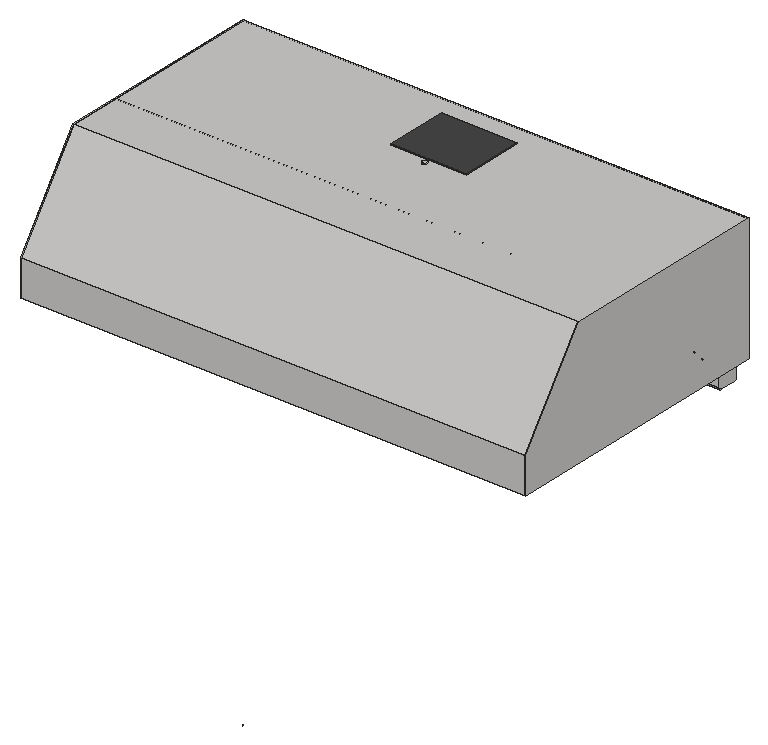
Revit family "QF_ELECTROLUXPROFESSIONAL_644235_ABPV1120DT", category Attrezzature speciali, Revit 2021
Family settings
  Quota connettore circolare = Usa diametro
  Tipo di parte = Normale
  Basato su piano di lavoro = No
  Sempre verticale = Sì
  Taglio con vuoti quando caricato = No
  Condiviso = No
  Punto di calcolo locali = No
Parameters (values of type "Standard")
  Weight = 66.00 kg
  Watts = 420 W
  Volts = 220 V
  URL Manufacturer = "https://www.electroluxprofessional.com/"
  URL = "https://www.electroluxprofessional.com/"
  Steam Supply Size = 0 mm
  Steam Supply Minimum Pressure = 0.0 Pa
  Steam Supply Maximum Pressure = 0.0 Pa
  Steam Consumption per Hour = 0
  Refrigeration Suction Line Size = 0 mm
  Refrigeration Liquid Line Size = 0 mm
  Refrigerant Compressor Remote = yes
  Prospetto di default = 0 mm
  Produttore = "Electrolux Professional"
  Phase = 1
  Modello = "ABPV1120DT"
  Length Actual = 2000 mm  # constant formula
  Item Number = "644235"
  Hot Water Size = 0 mm
  Height Actual = 500 mm  # constant formula
  HP = "0.6 HP"
  Gas Size = 0 mm
  Gas KW = 0
  Gas Input Pressure = 0 W
  Direct Waste Size = 0 mm
  Descrizione = "304 S/S WALL HOOD+FILTER+FAN 2000X1100MM"
  Depth Actual = 1100 mm  # constant formula
  Cycle = 50 Hz
  Condensate Return Size = 0 mm
  Compressed Air Volume = 0.0 L/s
  Compressed Air Size = 0 mm
  Compressed Air Pressure = 0.0 Pa
  Cold Water Size = 0 mm
  Accessory = yes
Reference planes
  plane 1 "Center (Front/Back)": y = 0
  plane 2: z = 0
  plane 3 "Center (Left/Right)": x = 150
  plane 4 "LEFT": x = -850
  plane 5 "RIGHT": x = 1150
  plane 6 "BACK": y = 550
  plane 7 "FRONT": y = -550
  plane 8 "TOP": z = 2500
  plane 9 "Base": z = 2000
  plane 10: z = 1926
  plane 11 "DrainY": y = 485
  plane 12: x = -847
  plane 13: through (0, 414.509, 2000.8) normal (0, 0.7314, 0.682)
  plane 14: y = 470
  plane 15: y = 220
  plane 16 "DrainX": x = 1030
  plane 17: x = 0
  plane 18: x = 300
  plane 19: x = 1147
  plane 20: x = 940
  plane 21: x = 1120
  plane 22: x = -810
  plane 23: x = 1110
  plane 24: x = -47.5
  plane 25: x = 347.5
  plane 26: z = 2140.01
  plane 27: y = 200
Forms (mm)
  Extrusion 1, solid, material "QF_Finishes_Stainless Steel"
    sketch origin (-850, 0, 360) x (0, 1, 0) y (0, 0, 1)
      loop
        line (550, 1640) -> (550, 2140) -> (-290, 2140) -> (-550, 1780.01) -> (-550, 1640) -> (550, 1640)
    from 0 to 3
  Extrusion 2, solid, material "QF_Finishes_Stainless Steel"
    sketch origin (150, 0, 360) x (0, 1, 0) y (0, 0, 1)
      loop
        line (415.255, 1640) -> (550, 1640) -> (550, 2139.19) -> (549.2, 2139.19) -> (549.2, 1640.8) -> (415.876, 1640.8) -> (339.347, 1722.867) -> (349.609, 1732.436) -> (348.927, 1733.167) -> (337.934, 1722.917) -> (415.255, 1640)
      loop
        line (-82.203, 2139.19) -> (-82.203, 2118.6) -> (-31.047, 2118.6) -> (34.354, 2048.466) -> (46.028, 2059.352) -> (45.346, 2060.083) -> (34.403, 2049.879) -> (-30.612, 2119.6) -> (-81.203, 2119.6) -> (-81.203, 2139.19) -> (-82.203, 2139.19)
    from -997 to 997
  Extrusion 3, solid, material "QF_Finishes_Stainless Steel"
    sketch origin (1150, 0, 360) x (0, 1, 0) y (0, 0, 1)
      loop
        line (550, 1640) -> (550, 2140) -> (-290, 2140) -> (-550, 1780.01) -> (-550, 1640) -> (550, 1640)
    from 0 to -3
  Extrusion 4, solid, material "QF_Finishes_Stainless Steel"
    sketch origin (150, 0, 360) x (0, 1, 0) y (0, 0, 1)
      loop
        line (-550, 1780.01) -> (-550, 1640) -> (-549.2, 1640) -> (-549.2, 1779.751) -> (-289.598, 2139.19) -> (550, 2139.19) -> (550, 2140) -> (-290, 2140) -> (-550, 1780.01)
    from -1000 to 1000
  Extrusion 5, solid, material "QF_Finishes_Stainless Steel"
    sketch origin (150, 0, 360) x (0, 1, 0) y (0, 0, 1)
      loop
        line (534, 1640) -> (436, 1640) -> (436, 1627) -> (443.5, 1627) -> (443.5, 1576)
        arc (443.5, 1576) -> (446.429, 1568.929) -> (453.5, 1566) r 10
        line (453.5, 1566) -> (516.5, 1566)
        arc (516.5, 1566) -> (523.571, 1568.929) -> (526.5, 1576) r 10
        line (526.5, 1576) -> (526.5, 1627) -> (534, 1627) -> (534, 1640)
    from 790 to 970
  Extrusion 6, solid, material "QF_Finishes_Stainless Steel"
    sketch origin (0, 0, 2000) x (0, 1, 0) y (-1, 0, 0)
      loop
        circle (485, -1030) r 20
    from -76 to -74
  Extrusion 7, solid, material "QF_Finished_Chrome"
    sketch origin (150, 0, 360) x (0, 1, 0) y (0, 0, 1)
      loop
        line (337.934, 1722.917) -> (341.591, 1726.327) -> (38.011, 2051.876) -> (34.354, 2048.466) -> (337.934, 1722.917)
    from -197.5 to -960
  Extrusion 8, solid, material "QF_Finishes_Stainless Steel"
    sketch origin (150, 0, 360) x (0, 1, 0) y (0, 0, 1)
      loop
        line (337.934, 1722.917) -> (341.591, 1726.327) -> (38.011, 2051.876) -> (34.354, 2048.466) -> (337.934, 1722.917)
    from 997 to 960
  Extrusion 9, solid, material "QF_Finished_Chrome"
    sketch origin (150, 0, 360) x (0, 1, 0) y (0, 0, 1)
      loop
        line (341.588, 1726.324) -> (38.009, 2051.874) -> (34.354, 2048.466) -> (337.934, 1722.917) -> (341.588, 1726.324)
    from 197.5 to 960
  Extrusion 10, solid, material "QF_Finishes_Black"
    sketch origin (0, 0, 2500) x (0, 1, 0) y (-1, 0, 0)
      loop
        line (470, -300) -> (470, 0) -> (220, 0) -> (220, -300) -> (470, -300)
    from 5 to 0
  Extrusion 11, solid, material "QF_Finishes_Stainless Steel"
    sketch origin (0, 0, 0) x (1, 0, 0) y (0, 1, 0)
      loop
        line (-850, 550) -> (-850, 549) -> (-849, 549) -> (-849, 550) -> (-850, 550)
    from 0 to 1
  Extrusion 12, solid, material "QF_Finishes_Stainless Steel"
    sketch origin (150, 0, 360) x (0, 1, 0) y (0, 0, 1)
      loop
        line (337.934, 1722.917) -> (341.591, 1726.327) -> (38.011, 2051.876) -> (34.354, 2048.466) -> (337.934, 1722.917)
    from -960 to -997
  Extrusion 13, solid, material "QF_Finishes_Stainless Steel"
    sketch origin (150, 0, 360) x (0, 1, 0) y (0, 0, 1)
      loop
        line (337.934, 1722.917) -> (341.591, 1726.327) -> (38.011, 2051.876) -> (34.354, 2048.466) -> (337.934, 1722.917)
    from 197.5 to -197.5
  Extrusion 14, solid, material "QF_Finishes_Stainless Steel"
    sketch origin (0, 0, 2500) x (0, 1, 0) y (-1, 0, 0)
      loop
        circle (200, -150) r 10
    from 0 to 1.6
Cuts and joins
  joined: Extrusion 2, Extrusion 4
Lines and regions (mm)
  reference lines
    curve 1: line (150, 34.354, 2408.466) -> (150, 34.354, 2248.466)
  symbolic lines, style "SpecialityEquipment", detail levels coarse
    curve 2: line (1150, 550, 2500) -> (-850, 550, 2500)
    curve 3: line (-850, 550, 2500) -> (-850, -550, 2500)
    curve 4: line (1150, -550, 2500) -> (1150, 550, 2500)
    curve 5: line (-850, -550, 2500) -> (1150, -550, 2500)
    curve 6: line (300, 220, 2500) -> (0, 220, 2500)
    curve 7: line (300, 470, 2500) -> (300, 220, 2500)
    curve 8: line (0, 470, 2500) -> (300, 470, 2500)
    curve 9: line (0, 220, 2500) -> (0, 470, 2500)
    curve 10: line (-850, -290, 0) -> (1150, -290, 0)
    curve 11: line (-850, 550, 0) -> (1150, -290, 0)
    curve 12: line (-850, -290, 0) -> (1150, 550, 0)
Dimensions and locks
  plane 4 "LEFT" to plane 5 "RIGHT" = 2000 mm
  equal spacing: plane 4 "LEFT", plane 3 "Center (Left/Right)", plane 5 "RIGHT"
  locked: plane 8 "TOP" to plane 9 "Base" at 500
  plane 9 "Base" to plane 10 = 74 mm
  plane 6 "BACK" to plane 11 "DrainY" = 65 mm  (x2)
  plane 4 "LEFT" to plane 12 = 3 mm
  plane 6 "BACK" to plane 14 = 80 mm
  plane 14 to plane 15 = 250 mm  (x2)
  plane 16 "DrainX" to plane 5 "RIGHT" = 120 mm
  plane 19 to plane 5 "RIGHT" = 3 mm
  locked: plane 20 to plane 16 "DrainX" at 90
  locked: plane 16 "DrainX" to plane 21 at 90
  plane 6 "BACK" to plane 7 "FRONT" = 1100 mm  (x2)
  equal spacing: plane 6 "BACK", plane 1 "Center (Front/Back)", plane 7 "FRONT"
  plane 15 to plane 7 "FRONT" = 770 mm
  plane 14 to plane 6 "BACK" = 80 mm
  locked: plane 4 "LEFT" to plane 22 at 40
  locked: plane 23 to plane 5 "RIGHT" at 40
  locked: plane 24 to plane 25 at 395
  equal spacing: plane 24, plane 3 "Center (Left/Right)", plane 25
  locked: plane 17 to plane 18 at 300
  equal spacing: plane 17, plane 3 "Center (Left/Right)", plane 18
  curve 10 to plane 7 "FRONT" = 260 mm
  curve 10 to plane 6 "BACK" = 840 mm
  plane 9 "Base" to level = 2000 mm
  plane 26 to plane 9 "Base" = 140.01 mm
  plane 15 to plane 27 = 20 mm
  aligned and locked: level to plane 2
  aligned and locked: Extrusion 2 to Extrusion 1
  aligned and locked: Extrusion 2 to Extrusion 3
  aligned and locked: plane 5 "RIGHT" to Extrusion 4
  aligned and locked: Extrusion 4 to plane 4 "LEFT"
  aligned and locked: plane 19 to Extrusion 8
  aligned and locked: Extrusion 10 to plane 17
  aligned and locked: Extrusion 10 to plane 15
  aligned and locked: Extrusion 10 to plane 14
  aligned and locked: Extrusion 2 to Extrusion 4
  aligned and locked: plane 21 to Extrusion 5
  aligned and locked: Extrusion 5 to plane 20
  aligned and locked: Extrusion 8 to plane 23
  aligned and locked: Extrusion 9 to plane 23
  aligned and locked: Extrusion 7 to plane 22
  aligned and locked: Extrusion 12 to plane 12
  aligned and locked: plane 22 to Extrusion 12
  aligned and locked: Extrusion 3 to plane 19
  aligned and locked: Extrusion 10 to plane 18
  aligned and locked: plane 18 to curve 7
  aligned and locked: plane 25 to Extrusion 13
  aligned and locked: Extrusion 13 to plane 24
  aligned and locked: Extrusion 9 to plane 25
Automatic sketch dimensions
  curve 5 to plane 5 "RIGHT" = 0 mm
  curve 5 to plane 7 "FRONT" = 0 mm
  curve 6 to plane 15 = 0 mm
  plane 14 to curve 8 = 0 mm
  curve 3 to plane 4 "LEFT" = 0 mm
  curve 3 to plane 6 "BACK" = 0 mm
  curve 6 to plane 17 = 0 mm
  Extrusion 2 sketch curve to plane 13 = 0 mm  (x3)
  Extrusion 2 sketch curve to plane 9 "Base" = 0 mm
  plane 13 to Extrusion 2 sketch curve = 0 mm
  Extrusion 2 sketch curve to plane 6 "BACK" = 0 mm
  Extrusion 2 sketch curve to Extrusion 2 sketch curve = 65.646 mm
  Extrusion 2 sketch curve to Extrusion 2 sketch curve = 0.682 mm  (x2)
  Extrusion 2 sketch curve to Extrusion 2 sketch curve = 10.261 mm
  plane 9 "Base" to Extrusion 2 sketch curve = 82.917 mm
  Extrusion 2 sketch curve to plane 1 "Center (Front/Back)" = 46.028 mm
  Extrusion 2 sketch curve to Extrusion 2 sketch curve = 10.942 mm
  Extrusion 2 sketch curve to Extrusion 2 sketch curve = 0.049 mm
  Extrusion 2 sketch curve to plane 8 "TOP" = 20.4 mm
  Extrusion 2 sketch curve to plane 8 "TOP" = 21.4 mm
  Extrusion 2 sketch curve to plane 8 "TOP" = 0.81 mm  (x2)
  Extrusion 2 sketch curve to Extrusion 2 sketch curve = 50.156 mm
  Extrusion 2 sketch curve to Extrusion 2 sketch curve = 1 mm
  plane 9 "Base" to Extrusion 2 sketch curve = 0.8 mm
  Extrusion 2 sketch curve to plane 6 "BACK" = 0.8 mm
  curve 1 to plane 13 = 0 mm
  curve 1 to plane 1 "Center (Front/Back)" = 34.354 mm
  Extrusion 5 sketch curve to plane 9 "Base" = 0 mm
  Extrusion 5 sketch curve to plane 10 = 0 mm
  Extrusion 5 sketch curve to plane 9 "Base" = 13 mm  (x2)
  plane 14 to Extrusion 5 sketch curve = 34 mm
  Extrusion 5 sketch curve to Extrusion 5 sketch curve = 7.5 mm  (x2)
  Extrusion 5 sketch curve to Extrusion 5 sketch curve = 10 mm
  plane 11 "DrainY" to Extrusion 5 sketch curve = 31.5 mm
  Extrusion 5 sketch curve to plane 6 "BACK" = 23.5 mm
  Extrusion 6 sketch curve to plane 11 "DrainY" = 0 mm
  Extrusion 6 sketch curve to plane 16 "DrainX" = 0 mm
  Extrusion 7 sketch curve to plane 13 = 0 mm  (x2)
  Extrusion 7 sketch curve to plane 1 "Center (Front/Back)" = 34.354 mm
  Extrusion 7 sketch curve to Extrusion 7 sketch curve = 3.657 mm
  plane 9 "Base" to Extrusion 7 sketch curve = 82.917 mm
  Extrusion 8 sketch curve to plane 13 = 0 mm  (x2)
  Extrusion 8 sketch curve to plane 1 "Center (Front/Back)" = 34.354 mm
  Extrusion 8 sketch curve to Extrusion 8 sketch curve = 3.657 mm
  plane 9 "Base" to Extrusion 8 sketch curve = 82.917 mm
  Extrusion 9 sketch curve to plane 13 = 0 mm  (x2)
  Extrusion 9 sketch curve to plane 1 "Center (Front/Back)" = 34.354 mm
  Extrusion 9 sketch curve to Extrusion 9 sketch curve = 3.655 mm
  plane 9 "Base" to Extrusion 9 sketch curve = 82.917 mm
  Extrusion 10 sketch curve to plane 15 = 0 mm
  plane 14 to Extrusion 10 sketch curve = 0 mm
  Extrusion 10 sketch curve to plane 18 = 0 mm
  Extrusion 10 sketch curve to plane 17 = 0 mm
  Extrusion 11 sketch curve to plane 4 "LEFT" = 0 mm
  Extrusion 11 sketch curve to plane 6 "BACK" = 0 mm
  plane 4 "LEFT" to Extrusion 11 sketch curve = 1 mm
  Extrusion 11 sketch curve to Extrusion 11 sketch curve = 1 mm
  Extrusion 12 sketch curve to plane 13 = 0 mm  (x2)
  Extrusion 12 sketch curve to plane 1 "Center (Front/Back)" = 34.354 mm
  Extrusion 12 sketch curve to Extrusion 12 sketch curve = 3.657 mm
  plane 9 "Base" to Extrusion 12 sketch curve = 82.917 mm
  Extrusion 13 sketch curve to plane 13 = 0 mm  (x2)
  Extrusion 13 sketch curve to plane 1 "Center (Front/Back)" = 34.354 mm
  Extrusion 13 sketch curve to Extrusion 13 sketch curve = 3.657 mm
  plane 9 "Base" to Extrusion 13 sketch curve = 82.917 mm
  Extrusion 4 sketch curve to plane 7 "FRONT" = 0 mm
  Extrusion 4 sketch curve to plane 9 "Base" = 0 mm
  Extrusion 4 sketch curve to plane 8 "TOP" = 0 mm
  Extrusion 4 sketch curve to plane 6 "BACK" = 0 mm
  Extrusion 4 sketch curve to Extrusion 4 sketch curve = 0.8 mm
  plane 9 "Base" to Extrusion 4 sketch curve = 140.01 mm
  Extrusion 4 sketch curve to Extrusion 4 sketch curve = 0.81 mm
  Extrusion 4 sketch curve to Extrusion 4 sketch curve = 0.259 mm
  Extrusion 4 sketch curve to Extrusion 4 sketch curve = 0.402 mm
  plane 7 "FRONT" to Extrusion 4 sketch curve = 260 mm
  Extrusion 3 sketch curve to plane 7 "FRONT" = 0 mm
  Extrusion 3 sketch curve to plane 8 "TOP" = 0 mm
  Extrusion 3 sketch curve to plane 6 "BACK" = 0 mm
  Extrusion 3 sketch curve to plane 9 "Base" = 0 mm
  plane 9 "Base" to Extrusion 3 sketch curve = 140.01 mm
  plane 7 "FRONT" to Extrusion 3 sketch curve = 260 mm
  Extrusion 1 sketch curve to plane 7 "FRONT" = 0 mm
  Extrusion 1 sketch curve to plane 8 "TOP" = 0 mm
  Extrusion 1 sketch curve to plane 6 "BACK" = 0 mm
  Extrusion 1 sketch curve to plane 9 "Base" = 0 mm
  plane 9 "Base" to Extrusion 1 sketch curve = 140.01 mm
  plane 7 "FRONT" to Extrusion 1 sketch curve = 260 mm
  curve 1 to curve 1 = 160 mm
  curve 11 to plane 4 "LEFT" = 0 mm
  curve 10 to plane 4 "LEFT" = 0 mm
  curve 11 to plane 5 "RIGHT" = 0 mm
  curve 12 to plane 5 "RIGHT" = 0 mm
  curve 12 to plane 6 "BACK" = 0 mm
  curve 11 to plane 6 "BACK" = 0 mm
  Extrusion 14 sketch curve to plane 3 "Center (Left/Right)" = 0 mm
  Extrusion 14 sketch curve to plane 27 = 0 mm
  radius of Extrusion 6 sketch curve = 20 mm
  radius of Extrusion 14 sketch curve = 10 mm
Connectors
  piping at (1030, 485, 1924), diameter 20
    settings: on Extrusion 6, index 1, connector inside diameter 609.6 mm, connector length 0 mm, flow factor 0, pipe flow 0.0 L/s, pressure drop 0.0 Pa, fitting loss kfactor 0, connector angle 0.00°, fixture units 0, engagement length 0 mm, angle of deflection 0.00°, flow configuration 1, flow direction 2, fitting loss method 0, system type 16, joint type 0, gender type 0, connector reference index -1, connector utility 0, adjustable connector no, is connector primary yes, connector description "Drain"
  hvac at (150, 345, 2505)
    settings: on Extrusion 10, index 2, duct flow 0.0 L/s, flow factor 0, pres drop 0.0 Pa, loss coef 0, conn angle 0.00°, conn width 250 mm, conn height 300 mm, conn diameter 609.6 mm, duct sys type 3, conn prof type 1, flow config 0, flow direction 2, loss method 0, conn ref index -1, conn util no, is conn primary yes, conn desc "EXHAUST OUTLET"
  electrical at (150, 200, 2501.6), driven by "Volts"
    settings: on Extrusion 14, index 3, voltage 220 V, apparent load 0 VA, apparent load phase1 0 VA, apparent load phase2 0 VA, apparent load phase3 0 VA, power factor 1, load classification "Other", number of poles 1, system type 30, power factor state 1, is connector primary yes, connector utility no, sub classification motor no, connector description "Electrical Connection"
